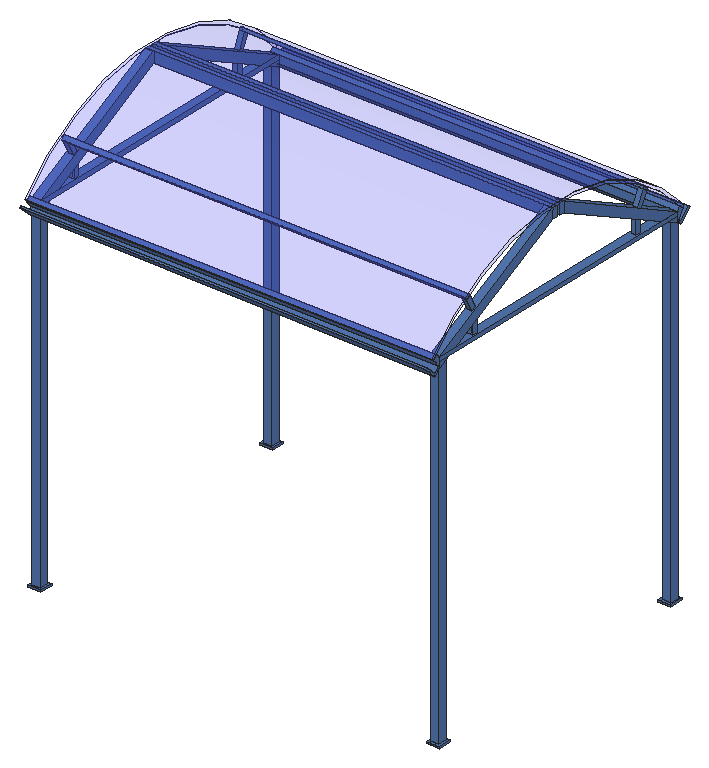
Revit family "Крыша RTC-20", category Обобщенные модели, Revit 2019
Family settings
  Может служить основой для арматурных стержней = Нет
  Размер круглого соединителя = Использовать диаметр
  Тип детали = Нормальный
  На основе рабочей плоскости = Нет
  Всегда вертикально = Да
  При загрузке вырезать с полостями = Нет
  Общий = Нет
  Точка расчета площади = Нет
Parameters
  Температура использования = "от -40°C до +55°C"
  Габаритные размеры = "2485х1840х2558 мм"
  ADSK_Наименование краткое = "Крыша RTC-20"
  ADSK_Наименование = "Крыша RTC-20 для полноростового турникета RTD-20"
  ADSK_Материал наименование = Сталь окрашенная RAL 5010
  ADSK_Масса_Текст = ""
  ADSK_Количество = 1
  ADSK_Завод-изготовитель = "PERCo"
  ADSK_Единица измерения = "компл."
  ADSK_URL страницы изделия = "https://www.perco.ru/products/krysha-rtc-20-dlya-polnorostovogo-turniketa-rtd-20.php"
Reference planes
  plane 1 "По центру (Вперед/Назад)": y = 0
  plane 2: z = 0
  plane 3 "По центру (Влево/Вправо)": x = 0
  plane 4: y = 963.711
  plane 5: x = -1237.5
  plane 6: y = -963.711
  plane 7: x = 1237.5
Forms (mm)
  Extrusion 1, solid, material "Сталь окрашенная RAL 5010"
    sketch origin (0, 0, 0) x (1, 0, 0) y (0, 1, 0)
      loop
        line (-1252.5, 840) -> (-1172.5, 840) -> (-1172.5, 920) -> (-1252.5, 920) -> (-1252.5, 840)
      loop
        line (1252.5, 840) -> (1252.5, 920) -> (1172.5, 920) -> (1172.5, 840) -> (1252.5, 840)
      loop
        line (-1252.5, -840) -> (-1252.5, -920) -> (-1172.5, -920) -> (-1172.5, -840) -> (-1252.5, -840)
      loop
        line (1252.5, -840) -> (1172.5, -840) -> (1172.5, -920) -> (1252.5, -920) -> (1252.5, -840)
    from 0 to 10
  Extrusion 2, solid, material "Сталь окрашенная RAL 5010"
    sketch origin (0, 0, 0) x (1, 0, 0) y (0, 1, 0)
      loop
        line (-1237.5, 905) -> (-1237.5, 855) -> (-1187.5, 855) -> (-1187.5, 905) -> (-1237.5, 905)
      loop
        line (1237.5, 905) -> (1187.5, 905) -> (1187.5, 855) -> (1237.5, 855) -> (1237.5, 905)
      loop
        line (-1237.5, -905) -> (-1187.5, -905) -> (-1187.5, -855) -> (-1237.5, -855) -> (-1237.5, -905)
      loop
        line (1237.5, -905) -> (1237.5, -855) -> (1187.5, -855) -> (1187.5, -905) -> (1237.5, -905)
    from 10 to 2093
  Extrusion 3, solid, material "Сталь окрашенная RAL 5010"
    sketch origin (-427, 0, 0) x (1, 0, 0) y (0, 0, 1)
      loop
        line (-810.5, 2093) -> (-760.5, 2093) -> (-760.5, 2118) -> (-810.5, 2118) -> (-810.5, 2093)
      loop
        line (1664.5, 2093) -> (1664.5, 2118) -> (1614.5, 2118) -> (1614.5, 2093) -> (1664.5, 2093)
    from -905 to 905
  Extrusion 4, solid, material "Сталь окрашенная RAL 5010"
    sketch origin (0, 0, 0) x (0, 1, 0) y (0, 0, 1)
      loop
        line (905, 2068) -> (948.493, 2116.304) -> (925.899, 2138.899) -> (905, 2118) -> (905, 2068)
      loop
        line (-905, 2068) -> (-905, 2118) -> (-925.899, 2138.899) -> (-948.493, 2116.304) -> (-905, 2068)
    from -1237.5 to 1237.5
  Extrusion 5, solid, material "Стекло"
    sketch origin (0, 0, 0) x (0, 1, 0) y (0, 0, 1)
      loop
        line (949.524, 2115.094) -> (963.711, 2129.282)
        arc (963.711, 2129.282) -> (0.795, 2574) -> (-962.679, 2130.49) r 1266.548
        line (-962.679, 2130.49) -> (-948.493, 2116.304)
        arc (-948.493, 2116.304) -> (0.795, 2554) -> (949.524, 2115.094) r 1246.548
    from -1237.5 to 1237.5
  Extrusion 6, solid, material "Сталь окрашенная RAL 5010"
    sketch origin (0, 0, 11.456) x (0, 1, 0) y (0, 0, 1)
      loop
        line (-15, 2542.544) -> (-40, 2542.544) -> (-40, 2478.95) -> (-15, 2478.95) -> (-15, 2542.544)
      loop
        line (15, 2542.544) -> (15, 2478.95) -> (40, 2478.95) -> (40, 2542.544) -> (15, 2542.544)
    from -1237.5 to 1237.5
  Extrusion 7, solid, material "Сталь окрашенная RAL 5010"
    sketch origin (0, 0, 0) x (0, 1, 0) y (0, 0, 1)
      loop
        line (905, 2118) -> (40, 2554) -> (40, 2490.406) -> (905, 2054.406) -> (905, 2118)
      loop
        line (-905, 2118) -> (-905, 2054.406) -> (-40, 2490.406) -> (-40, 2554) -> (-905, 2118)
    from -1237.5 to -1187.5
  Extrusion 8, solid, material "Сталь окрашенная RAL 5010"
    sketch origin (0, 0, 0) x (0, 1, 0) y (0, 0, -1)
      loop
        line (905, -2118) -> (905, -2054.406) -> (40, -2490.406) -> (40, -2554) -> (905, -2118)
      loop
        line (-905, -2118) -> (-40, -2554) -> (-40, -2490.406) -> (-905, -2054.406) -> (-905, -2118)
    from -1237.5 to -1187.5
  Extrusion 9, solid, material "Сталь окрашенная RAL 5010"
    sketch origin (0, 0, 0) x (1, 0, 0) y (0, 1, 0)
      loop
        line (-1212.5, 634.546) -> (-1227.5, 634.546) -> (-1227.5, 605) -> (-1197.5, 605) -> (-1197.5, 634.546) -> (-1212.5, 634.546)
      loop
        line (1212.5, 634.546) -> (1197.5, 634.546) -> (1197.5, 605) -> (1227.5, 605) -> (1227.5, 634.546) -> (1212.5, 634.546)
      loop
        line (-1212.5, -634.546) -> (-1197.5, -634.546) -> (-1197.5, -605) -> (-1227.5, -605) -> (-1227.5, -634.546) -> (-1212.5, -634.546)
      loop
        line (1212.5, -634.546) -> (1227.5, -634.546) -> (1227.5, -605) -> (1197.5, -605) -> (1197.5, -634.546) -> (1212.5, -634.546)
    from 2118 to 2231.206
  Extrusion 10, solid, material "Сталь окрашенная RAL 5010"
    sketch origin (0, 0, 0) x (0, 1, 0) y (0, 0, 1)
      loop
        line (690.884, 2345.027) -> (670.07, 2358.875) -> (661.761, 2346.386) -> (682.575, 2332.538) -> (690.884, 2345.027)
      loop
        line (-690.884, 2345.027) -> (-682.575, 2332.538) -> (-661.761, 2346.386) -> (-670.07, 2358.875) -> (-690.884, 2345.027)
    from -1227.5 to 1227.5
  Extrusion 11, solid, material "Сталь окрашенная RAL 5010"
    sketch origin (0, 0, 0) x (0, 1, 0) y (0, 0, 1)
      loop
        line (682.575, 2332.538) -> (661.761, 2346.386) -> (619.244, 2262.034) -> (641.407, 2250.863) -> (682.575, 2332.538)
      loop
        line (-682.575, 2332.538) -> (-641.407, 2250.863) -> (-619.244, 2262.034) -> (-661.761, 2346.386) -> (-682.575, 2332.538)
    from -1227.5 to -1197.5
  Extrusion 12, solid, material "Сталь окрашенная RAL 5010"
    sketch origin (0, 0, 0) x (0, 1, 0) y (0, 0, -1)
      loop
        line (682.575, -2332.538) -> (641.407, -2250.863) -> (619.244, -2262.034) -> (661.761, -2346.386) -> (682.575, -2332.538)
      loop
        line (-682.575, -2332.538) -> (-661.761, -2346.386) -> (-619.244, -2262.034) -> (-641.407, -2250.863) -> (-682.575, -2332.538)
    from -1227.5 to -1197.5
  Blend 13, solid, material "Сталь окрашенная RAL 5010"
    base sketch origin (0, 0, 0) x (0, 1, 0) y (0, 0, 1)
      loop
        line (905, 2068) -> (942.219, 2030.781) -> (1005.859, 2094.421) -> (998.787, 2101.492) -> (942.219, 2044.923) -> (912.071, 2075.071) -> (905, 2068)
    top sketch origin (0, 0, 0) x (0, 1, 0) y (0, 0, 1)
      loop
        line (932.755, 2040.245) -> (996.394, 2103.885) -> (989.323, 2110.956) -> (932.755, 2054.387) -> (912.071, 2075.071) -> (905, 2068) -> (932.755, 2040.245)
    from -1237.5 to 1237.5
  Blend 14, solid, material "Сталь окрашенная RAL 5010"
    base sketch origin (0, 0, 0) x (0, -1, 0) y (0, 0, 1)
      loop
        line (905, 2068) -> (942.219, 2030.781) -> (1005.859, 2094.421) -> (998.787, 2101.492) -> (942.219, 2044.923) -> (912.071, 2075.071) -> (905, 2068)
    top sketch origin (0, 0, 0) x (0, -1, 0) y (0, 0, 1)
      loop
        line (932.755, 2040.245) -> (996.394, 2103.885) -> (989.323, 2110.956) -> (932.755, 2054.387) -> (912.071, 2075.071) -> (905, 2068) -> (932.755, 2040.245)
    from -1237.5 to 1237.5
Cuts and joins
  joined: Extrusion 1, Extrusion 2
Dimensions and locks
  aligned and locked: level to plane 2
